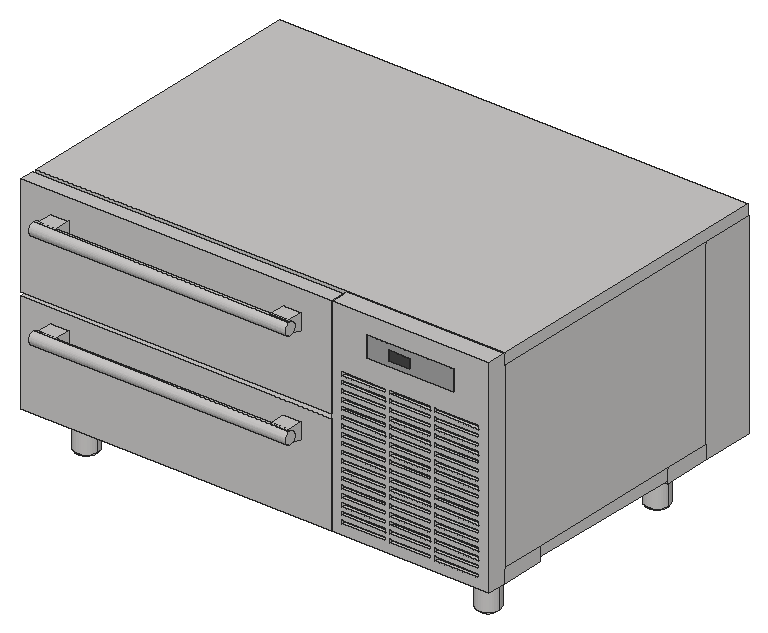
Revit family "QF_ELECTROLUXPROFESSIONAL_729631_E9BAPL00MP", category Attrezzature speciali, Revit 2021
Family settings
  Quota connettore circolare = Usa diametro
  Tipo di parte = Normale
  Basato su piano di lavoro = No
  Sempre verticale = Sì
  Taglio con vuoti quando caricato = No
  Condiviso = No
  Punto di calcolo locali = No
Parameters (values of type "Standard")
  Weight = 118.00 kg
  Watts = 550 W
  Volts = 220 V
  URL Manufacturer = "https://www.electroluxprofessional.com/"
  URL = "https://www.electroluxprofessional.com/"
  Steam Supply Size = 0 mm
  Steam Supply Minimum Pressure = 0.0 Pa
  Steam Supply Maximum Pressure = 0.0 Pa
  Steam Consumption per Hour = 0
  Refrigeration Suction Line Size = 0.0 mm
  Refrigeration Liquid Line Size = 0.0 mm
  Refrigerant Compressor Remote = yes
  Prospetto di default = 0.0 mm
  Produttore = "Electrolux Professional"
  Phase = 1
  Modello = "E9BAPL00MP"
  Length Actual = 1198.0 mm  # constant formula
  Item Number = "729631"
  Hot Water Size = 0 mm
  Height Actual = 627.0 mm  # constant formula
  HP = "0.7 HP"
  Gas Size = 0 mm
  Gas KW = 0
  Gas Input Pressure = 0 W
  Direct Waste Size = 0 mm
  Descrizione = "REF-FREEZER BASE 1200MM 2 DRAWERS - 900 LINE - R290"
  Depth Actual = 902.0 mm  # constant formula
  Cycle = 50 Hz
  Condensate Return Size = 0 mm
  Compressed Air Volume = 0.0 L/s
  Compressed Air Size = 0 mm
  Compressed Air Pressure = 0.0 Pa
  Cold Water Size = 0 mm
  Accessory = yes
Reference planes
  plane 1: z = 0
  plane 2 "Center (Left/Right)": x = -444
  plane 3 "Center (Front/Back)": y = 47.5
  plane 4 "BACK": y = 462
  plane 5 "FEET": z = 100
  plane 6 "TOP": z = 627
  plane 7 "EI_back": y = 352
  plane 8 "EI_left": x = -110
  plane 9 "Front": y = -367
  plane 10 "DOOR": y = -317
  plane 11 "Left": x = -1043
  plane 12 "BorderRight": x = 155
  plane 13: y = -275
  plane 14: y = 265
  plane 15: x = -948
  plane 16: x = -153
  plane 17: x = 79.5
  plane 18: y = -440
  plane 19: z = 135
Forms (mm)
  Extrusion 1, solid, material "QF_Finishes_Stainless Steel"
    sketch origin (-1022.223, -1524, 100) x (-1, 0, 0) y (0, -1, 0)
      loop
        circle (-912.223, -1876) r 5
    from 0 to -20
  Extrusion 2, solid, material "QF_Finishes_Stainless Steel"
    sketch origin (-1022.223, -1524, 100) x (-1, 0, 0) y (0, -1, 0)
      loop
        line (20.777, -1986) -> (20.777, -1207) -> (-1177.223, -1207) -> (-1177.223, -1986) -> (20.777, -1986)
    from 500 to 527
  Extrusion 3, solid, material "QF_Finishes_Stainless Steel"
    sketch origin (-444, 0, 0) x (0, 1, 0) y (0, 0, 1)
      loop
        line (462, 100) -> (462, 600) -> (327, 600) -> (327, 100) -> (462, 100)
    from 599 to -599
  Extrusion 4, solid, material "QF_Finishes_Stainless Steel"
    sketch origin (-444, 0, 0) x (0, 1, 0) y (0, 0, 1)
      loop
        line (327, 135) -> (327, 600) -> (-317, 600) -> (-317, 135) -> (327, 135)
    from 599 to -599
  Extrusion 5, solid, material "QF_Finishes_Stainless Steel"
    sketch origin (-444, 0, 0) x (0, 1, 0) y (0, 0, 1)
      loop
        line (327, 135) -> (204, 135) -> (204, 100) -> (327, 100) -> (327, 135)
      loop
        line (-204, 135) -> (-317, 135) -> (-317, 100) -> (-204, 100) -> (-204, 135)
    from -599 to 599
  Extrusion 6, solid, material "QF_Finishes_Stainless Steel"
    sketch origin (-444, 0, 0) x (0, 1, 0) y (0, 0, 1)
      loop
        line (204, 135) -> (-204, 135) -> (-204, 109.998) -> (204, 104.998) -> (204, 135)
    from -599 to 599
Lines and regions (mm)
  symbolic lines, style "SpecialityEquipmentHiddenLines"
    curve 1: line (-1043, 462, 100) -> (155, 462, 100)
    curve 2: line (155, -317, 100) -> (-1043, -317, 100)
    curve 3: line (-1043, -367, 100) -> (155, -367, 100)
    curve 4: line (-242, -367, 100) -> (-242, -317, 100)
    curve 5: line (-1043, 462, 100) -> (-1043, -367, 100)
    curve 6: line (155, 462, 100) -> (155, -367, 100)
Dimensions and locks
  plane 5 "FEET" to level = 100.0 mm
  locked: plane 10 "DOOR" to plane 9 "Front" at 50
  plane 11 "Left" to plane 8 "EI_left" = 933.0 mm
  plane 6 "TOP" to plane 1 = 627.0 mm
  plane 4 "BACK" to plane 9 "Front" = 829.0 mm  (x2)
  equal spacing: plane 4 "BACK", plane 3 "Center (Front/Back)", plane 9 "Front"
  plane 4 "BACK" to plane 7 "EI_back" = 110.0 mm
  plane 4 "BACK" to plane 14 = 197.0 mm
  plane 14 to plane 13 = 540.0 mm
  plane 13 to plane 9 "Front" = 92.0 mm
  plane 15 to plane 11 "Left" = 95.0 mm
  plane 12 "BorderRight" to plane 17 = 75.5 mm
  locked: plane 12 "BorderRight" to plane 11 "Left" at 1198
  plane 4 "BACK" to plane 18 = 902.0 mm
  equal spacing: plane 12 "BorderRight", plane 2 "Center (Left/Right)", plane 11 "Left"
  aligned and locked: level to plane 1
  aligned and locked: plane 14 to nested 2
  aligned and locked: plane 14 to nested 3
  aligned and locked: plane 13 to nested 5
  aligned and locked: plane 13 to nested 6
  aligned and locked: plane 15 to nested 5
  aligned and locked: plane 15 to nested 2
  aligned and locked: plane 17 to nested 6
  aligned and locked: plane 17 to nested 3
  aligned and locked: plane 12 "BorderRight" to Extrusion 4
  aligned and locked: plane 12 "BorderRight" to Extrusion 3
  aligned and locked: plane 12 "BorderRight" to Extrusion 6
  aligned and locked: plane 12 "BorderRight" to Extrusion 5
  aligned and locked: plane 12 "BorderRight" to nested 4
  aligned and locked: Extrusion 4 to plane 11 "Left"
  aligned and locked: Extrusion 3 to plane 11 "Left"
  aligned and locked: Extrusion 5 to plane 11 "Left"
  aligned and locked: Extrusion 6 to plane 11 "Left"
  aligned and locked: Extrusion 4 to plane 10 "DOOR"
Automatic sketch dimensions
  Extrusion 1 sketch curve to plane 7 "EI_back" = 0.0 mm
  Extrusion 1 sketch curve to plane 8 "EI_left" = 0.0 mm
  Extrusion 2 sketch curve to plane 4 "BACK" = 0.0 mm
  Extrusion 2 sketch curve to plane 12 "BorderRight" = 0.0 mm
  Extrusion 2 sketch curve to plane 10 "DOOR" = 0.0 mm
  Extrusion 2 sketch curve to plane 11 "Left" = 0.0 mm
  Extrusion 3 sketch curve to plane 5 "FEET" = 0.0 mm
  Extrusion 3 sketch curve to plane 4 "BACK" = 0.0 mm
  Extrusion 3 sketch curve to plane 7 "EI_back" = 25.0 mm
  Extrusion 3 sketch curve to plane 6 "TOP" = 27.0 mm
  plane 5 "FEET" to Extrusion 4 sketch curve = 35.0 mm
  Extrusion 4 sketch curve to plane 4 "BACK" = 135.0 mm
  Extrusion 4 sketch curve to plane 7 "EI_back" = 669.0 mm
  Extrusion 4 sketch curve to plane 6 "TOP" = 27.0 mm
  Extrusion 5 sketch curve to plane 10 "DOOR" = 0.0 mm
  Extrusion 5 sketch curve to plane 19 = 0.0 mm  (x2)
  Extrusion 5 sketch curve to plane 5 "FEET" = 0.0 mm  (x2)
  Extrusion 5 sketch curve to plane 13 = 71.0 mm
  plane 14 to Extrusion 5 sketch curve = 61.0 mm
  Extrusion 5 sketch curve to plane 7 "EI_back" = 25.0 mm
  plane 5 "FEET" to Extrusion 6 sketch curve = 4.998 mm
  Extrusion 6 sketch curve to plane 19 = 0.0 mm
  Extrusion 6 sketch curve to plane 13 = 71.0 mm
  plane 5 "FEET" to Extrusion 6 sketch curve = 9.998 mm
  plane 14 to Extrusion 6 sketch curve = 61.0 mm
  curve 1 to plane 4 "BACK" = 0.0 mm
  curve 2 to plane 10 "DOOR" = 0.0 mm
  curve 3 to plane 9 "Front" = 0.0 mm
  curve 3 to plane 12 "BorderRight" = 0.0 mm
  curve 5 to plane 11 "Left" = 0.0 mm
  curve 4 to plane 16 = 89.0 mm
  radius of Extrusion 1 sketch curve = 5.0 mm
Nested families
  nested 1: "Refrigerator" at (170.5, -340.5, 0), type "Refrigerator"
  nested 2: "HORIZREF_FEET100" at (-948, 265, 0), type "HORIZREF_FEET100"
  nested 3: "HORIZREF_FEET100" at (79.5, 265, 0), type "HORIZREF_FEET100"
  nested 4: "HORIZREF_UNIT3" at (-4.08, -317, 567) x (1, 0, 0) z (0, -1, 0), type "HORIZREF_UNIT3"
    with Show Logo yes
  nested 5: "HORIZREF_FEET100" at (-948, -275, 0), type "HORIZREF_FEET100"
  nested 6: "HORIZREF_FEET100" at (79.5, -275, 0), type "HORIZREF_FEET100"
  nested 7: "HORIZREF_HALF_796" at (-718, -317, 363.5) x (1, 0, 0) z (0, -1, 0), type "HORIZREF_HALF_796"
    with Show Clearance yes
Connectors
  electrical at (-110, 352, 80), driven by "Volts"
    settings: on Extrusion 1, index 1, voltage 220 V, apparent load 0 VA, apparent load phase1 0 VA, apparent load phase2 0 VA, apparent load phase3 0 VA, power factor 1, load classification "Other", number of poles 1, system type 31, power factor state 1, is connector primary yes, connector utility no, sub classification motor no, connector description "Electrical Connection"
Definition of nested family "HORIZREF_FEET100"
  Parameters
    Default Elevation = 0.0 mm
    FEET = 100.0 mm
  Reference planes
    plane 1 "Center (Front/Back)": y = 0
    plane 2: z = 0
    plane 3 "Center (Left/Right)": x = 0
    plane 4: z = 100
  Forms (mm)
    Revolve 1, solid
      sketch origin (255.05, 0, 608.09) x (0, 0, 1) y (-1, 0, 0)
        loop
          line (-608.09, 255.05) -> (-608.09, 230.05) -> (-603.09, 230.05) -> (-603.09, 226.05) -> (-508.09, 226.05) -> (-508.09, 255.05) -> (-608.09, 255.05)
        axis (-608.09, 255.05) -> (-508.09, 255.05)
      angle from 0 to 360
  Dimensions and locks
    "FEET": plane 4 to plane 2
    aligned and locked: level to plane 2
    aligned and locked: plane 4 to Revolve 1 sketch curve
    aligned and locked: Revolve 1 sketch curve to level
    aligned and locked: plane 3 "Center (Left/Right)" to Revolve 1 sketch curve
  Automatic sketch dimensions
    Revolve 1 sketch curve to plane 3 "Center (Left/Right)" = 0.0 mm
    Revolve 1 sketch curve to Revolve 1 sketch curve = 25.0 mm
    Revolve 1 sketch curve to Revolve 1 sketch curve = 29.0 mm
    plane 4 to Revolve 1 sketch curve = 50.0 mm
    Revolve 1 sketch curve to Revolve 1 sketch curve = 20.0 mm
    level to Revolve 1 sketch curve = 5.0 mm
Definition of nested family "HORIZREF_UNIT3"
  Parameters
    Show Logo [instance] = yes
    Default Elevation = 1219.2 mm
  Reference planes
    plane 1 "Center (Front/Back)": y = -203.5
    plane 2: z = 0
    plane 3 "Center (Left/Right)": x = -41.92
    plane 4: x = -242.92
    plane 5: x = 159.08
    plane 6: y = 60
    plane 7: y = -467
  Forms (mm)
    Extrusion 1, solid
      sketch origin (0, 0, 0) x (1, 0, 0) y (0, 1, 0)
        loop
          line (-1219.2, 1219.2) -> (-1219.2, -1219.2) -> (1219.2, -1219.2) -> (1219.2, 1219.2) -> (-1219.2, 1219.2)
      from 0 to -304.8
    Extrusion 2, void
      sketch origin (0, 0, 0) x (1, 0, 0) y (0, 1, 0)
        loop
          line (-94.67, -431.176) -> (-94.67, -441.176) -> (10.83, -441.176) -> (10.83, -431.176) -> (-94.67, -431.176)
        loop
          line (-94.67, -411.176) -> (-94.67, -421.176) -> (10.83, -421.176) -> (10.83, -411.176) -> (-94.67, -411.176)
        loop
          line (-94.67, -391.176) -> (-94.67, -401.176) -> (10.83, -401.176) -> (10.83, -391.176) -> (-94.67, -391.176)
        loop
          line (-94.67, -371.176) -> (-94.67, -381.176) -> (10.83, -381.176) -> (10.83, -371.176) -> (-94.67, -371.176)
        loop
          line (-94.67, -351.176) -> (-94.67, -361.176) -> (10.83, -361.176) -> (10.83, -351.176) -> (-94.67, -351.176)
        loop
          line (-94.67, -331.176) -> (-94.67, -341.176) -> (10.83, -341.176) -> (10.83, -331.176) -> (-94.67, -331.176)
        loop
          line (-94.67, -311.176) -> (-94.67, -321.176) -> (10.83, -321.176) -> (10.83, -311.176) -> (-94.67, -311.176)
        loop
          line (-94.67, -291.176) -> (-94.67, -301.176) -> (10.83, -301.176) -> (10.83, -291.176) -> (-94.67, -291.176)
        loop
          line (-94.67, -271.176) -> (-94.67, -281.176) -> (10.83, -281.176) -> (10.83, -271.176) -> (-94.67, -271.176)
        loop
          line (-94.67, -251.176) -> (-94.67, -261.176) -> (10.83, -261.176) -> (10.83, -251.176) -> (-94.67, -251.176)
        loop
          line (-94.67, -231.176) -> (-94.67, -241.176) -> (10.83, -241.176) -> (10.83, -231.176) -> (-94.67, -231.176)
        loop
          line (-94.67, -211.176) -> (-94.67, -221.176) -> (10.83, -221.176) -> (10.83, -211.176) -> (-94.67, -211.176)
        loop
          line (-94.67, -191.176) -> (-94.67, -201.176) -> (10.83, -201.176) -> (10.83, -191.176) -> (-94.67, -191.176)
        loop
          line (-94.67, -171.176) -> (-94.67, -181.176) -> (10.83, -181.176) -> (10.83, -171.176) -> (-94.67, -171.176)
        loop
          line (-94.67, -151.176) -> (-94.67, -161.176) -> (10.83, -161.176) -> (10.83, -151.176) -> (-94.67, -151.176)
        loop
          line (-94.67, -131.176) -> (-94.67, -141.176) -> (10.83, -141.176) -> (10.83, -131.176) -> (-94.67, -131.176)
        loop
          line (-94.67, -111.176) -> (-94.67, -121.176) -> (10.83, -121.176) -> (10.83, -111.176) -> (-94.67, -111.176)
        loop
          line (-94.67, -91.176) -> (-94.67, -101.176) -> (10.83, -101.176) -> (10.83, -91.176) -> (-94.67, -91.176)
        loop
          line (134.08, -431.176) -> (20.83, -431.176) -> (20.83, -441.176) -> (134.08, -441.176) -> (134.08, -431.176)
        loop
          line (134.08, -411.176) -> (20.83, -411.176) -> (20.83, -421.176) -> (134.08, -421.176) -> (134.08, -411.176)
        loop
          line (134.08, -391.176) -> (20.83, -391.176) -> (20.83, -401.176) -> (134.08, -401.176) -> (134.08, -391.176)
        loop
          line (134.08, -371.176) -> (20.83, -371.176) -> (20.83, -381.176) -> (134.08, -381.176) -> (134.08, -371.176)
        loop
          line (134.08, -351.176) -> (20.83, -351.176) -> (20.83, -361.176) -> (134.08, -361.176) -> (134.08, -351.176)
        loop
          line (134.08, -331.176) -> (20.83, -331.176) -> (20.83, -341.176) -> (134.08, -341.176) -> (134.08, -331.176)
        loop
          line (134.08, -311.176) -> (20.83, -311.176) -> (20.83, -321.176) -> (134.08, -321.176) -> (134.08, -311.176)
        loop
          line (134.08, -291.176) -> (20.83, -291.176) -> (20.83, -301.176) -> (134.08, -301.176) -> (134.08, -291.176)
        loop
          line (134.08, -271.176) -> (20.83, -271.176) -> (20.83, -281.176) -> (134.08, -281.176) -> (134.08, -271.176)
        loop
          line (134.08, -251.176) -> (20.83, -251.176) -> (20.83, -261.176) -> (134.08, -261.176) -> (134.08, -251.176)
        loop
          line (134.08, -231.176) -> (20.83, -231.176) -> (20.83, -241.176) -> (134.08, -241.176) -> (134.08, -231.176)
        loop
          line (134.08, -211.176) -> (20.83, -211.176) -> (20.83, -221.176) -> (134.08, -221.176) -> (134.08, -211.176)
        loop
          line (134.08, -191.176) -> (20.83, -191.176) -> (20.83, -201.176) -> (134.08, -201.176) -> (134.08, -191.176)
        loop
          line (134.08, -171.176) -> (20.83, -171.176) -> (20.83, -181.176) -> (134.08, -181.176) -> (134.08, -171.176)
        loop
          line (134.08, -151.176) -> (20.83, -151.176) -> (20.83, -161.176) -> (134.08, -161.176) -> (134.08, -151.176)
        loop
          line (134.08, -131.176) -> (20.83, -131.176) -> (20.83, -141.176) -> (134.08, -141.176) -> (134.08, -131.176)
        loop
          line (134.08, -111.176) -> (20.83, -111.176) -> (20.83, -121.176) -> (134.08, -121.176) -> (134.08, -111.176)
        loop
          line (134.08, -91.176) -> (20.83, -91.176) -> (20.83, -101.176) -> (134.08, -101.176) -> (134.08, -91.176)
        loop
          line (-217.92, -431.176) -> (-217.92, -441.176) -> (-104.67, -441.176) -> (-104.67, -431.176) -> (-217.92, -431.176)
        loop
          line (-217.92, -411.176) -> (-217.92, -421.176) -> (-104.67, -421.176) -> (-104.67, -411.176) -> (-217.92, -411.176)
        loop
          line (-217.92, -391.176) -> (-217.92, -401.176) -> (-104.67, -401.176) -> (-104.67, -391.176) -> (-217.92, -391.176)
        loop
          line (-217.92, -371.176) -> (-217.92, -381.176) -> (-104.67, -381.176) -> (-104.67, -371.176) -> (-217.92, -371.176)
        loop
          line (-217.92, -351.176) -> (-217.92, -361.176) -> (-104.67, -361.176) -> (-104.67, -351.176) -> (-217.92, -351.176)
        loop
          line (-217.92, -331.176) -> (-217.92, -341.176) -> (-104.67, -341.176) -> (-104.67, -331.176) -> (-217.92, -331.176)
        loop
          line (-217.92, -311.176) -> (-217.92, -321.176) -> (-104.67, -321.176) -> (-104.67, -311.176) -> (-217.92, -311.176)
        loop
          line (-217.92, -291.176) -> (-217.92, -301.176) -> (-104.67, -301.176) -> (-104.67, -291.176) -> (-217.92, -291.176)
        loop
          line (-217.92, -271.176) -> (-217.92, -281.176) -> (-104.67, -281.176) -> (-104.67, -271.176) -> (-217.92, -271.176)
        loop
          line (-217.92, -251.176) -> (-217.92, -261.176) -> (-104.67, -261.176) -> (-104.67, -251.176) -> (-217.92, -251.176)
        loop
          line (-217.92, -231.176) -> (-217.92, -241.176) -> (-104.67, -241.176) -> (-104.67, -231.176) -> (-217.92, -231.176)
        loop
          line (-217.92, -211.176) -> (-217.92, -221.176) -> (-104.67, -221.176) -> (-104.67, -211.176) -> (-217.92, -211.176)
        loop
          line (-217.92, -191.176) -> (-217.92, -201.176) -> (-104.67, -201.176) -> (-104.67, -191.176) -> (-217.92, -191.176)
        loop
          line (-217.92, -171.176) -> (-217.92, -181.176) -> (-104.67, -181.176) -> (-104.67, -171.176) -> (-217.92, -171.176)
        loop
          line (-217.92, -151.176) -> (-217.92, -161.176) -> (-104.67, -161.176) -> (-104.67, -151.176) -> (-217.92, -151.176)
        loop
          line (-217.92, -131.176) -> (-217.92, -141.176) -> (-104.67, -141.176) -> (-104.67, -131.176) -> (-217.92, -131.176)
        loop
          line (-217.92, -111.176) -> (-217.92, -121.176) -> (-104.67, -121.176) -> (-104.67, -111.176) -> (-217.92, -111.176)
        loop
          line (-217.92, -91.176) -> (-217.92, -101.176) -> (-104.67, -101.176) -> (-104.67, -91.176) -> (-217.92, -91.176)
      from 50 to 40
    Extrusion 3, solid
      sketch origin (-3.25, 0, 0) x (1, 0, 0) y (0, 1, 0)
        loop
          line (-94.665, -0.461) -> (-94.665, -25) -> (-38.67, -25) -> (-38.67, -0.461) -> (-94.665, -0.461)
      from 50 to 45
    Extrusion 4, solid
      sketch origin (0, 0, 0) x (1, 0, 0) y (0, 1, 0)
        loop
          line (-242.92, 60) -> (-242.92, -467) -> (159.08, -467) -> (159.08, 60) -> (-242.92, 60)
      from 0 to 50
    Extrusion 5, void
      sketch origin (0, 0, 0) x (1, 0, 0) y (0, 1, 0)
        loop
          line (-151.92, 15) -> (-151.92, -38) -> (68.653, -38) -> (68.653, 15) -> (-151.92, 15)
      from 45 to 50
    Extrusion 6, solid
      sketch origin (0, 0, 0) x (1, 0, 0) y (0, 1, 0)
        loop
          line (-151.92, 15) -> (-151.92, -38) -> (68.653, -38) -> (68.653, 15) -> (-151.92, 15)
        loop
          line (-97.915, -0.461) -> (-97.915, -25) -> (-41.92, -25) -> (-41.92, -0.461) -> (-97.915, -0.461)
      from 45 to 50
  Cuts and joins
    Extrusion 2, Extrusion 5 cuts Extrusion 4
  Lines and regions (mm)
    symbolic lines
      curve 1: line (159.08, -203.5, 50) -> (159.08, -203.5, 0)
      curve 2: line (-242.92, -203.5, 50) -> (-242.92, -203.5, 0)
  Dimensions and locks
    locked: plane 6 to plane 7 at 527
    equal spacing: plane 6, plane 1 "Center (Front/Back)", plane 7
    locked: plane 4 to plane 5 at 402
    equal spacing: plane 4, plane 3 "Center (Left/Right)", plane 5
    aligned and locked: plane 2 to Extrusion 1
    aligned and locked: level to Extrusion 1
  Automatic sketch dimensions
    Extrusion 1 sketch curve to Extrusion 1 sketch curve = 2438.4 mm  (x2)
    plane 4 to Extrusion 3 sketch curve = 145.005 mm
    Extrusion 3 sketch curve to Extrusion 3 sketch curve = 55.995 mm
    Extrusion 3 sketch curve to plane 6 = 85.0 mm
    Extrusion 3 sketch curve to Extrusion 3 sketch curve = 24.539 mm
    Extrusion 4 sketch curve to plane 4 = 0.0 mm
    Extrusion 4 sketch curve to plane 5 = 0.0 mm
    Extrusion 4 sketch curve to plane 7 = 0.0 mm
    Extrusion 4 sketch curve to plane 6 = 0.0 mm
    plane 4 to Extrusion 5 sketch curve = 91.0 mm
    plane 3 "Center (Left/Right)" to Extrusion 5 sketch curve = 110.573 mm
    Extrusion 5 sketch curve to plane 6 = 98.0 mm
    curve 2 to level = 0.0 mm
    curve 1 to level = 0.0 mm
    level to curve 2 = 50.0 mm
    curve 2 to plane 4 = 0.0 mm
    curve 1 to plane 5 = 0.0 mm
    level to curve 1 = 50.0 mm
    plane 4 to Extrusion 2 sketch curve = 25.0 mm  (x18)
    Extrusion 2 sketch curve to plane 3 "Center (Left/Right)" = 62.75 mm  (x2)
    Extrusion 2 sketch curve to plane 1 "Center (Front/Back)" = 32.324 mm
    Extrusion 2 sketch curve to plane 1 "Center (Front/Back)" = 2.324 mm  (x3)
    Extrusion 2 sketch curve to Extrusion 2 sketch curve = 0.0 mm  (x33)
    Extrusion 2 sketch curve to Extrusion 2 sketch curve = 10.0 mm  (x136)
    plane 3 "Center (Left/Right)" to Extrusion 2 sketch curve = 52.75 mm  (x2)
    Extrusion 2 sketch curve to plane 5 = 25.0 mm  (x18)
    plane 1 "Center (Front/Back)" to Extrusion 2 sketch curve = 7.676 mm  (x3)
    Extrusion 5 sketch curve to plane 6 = 45.0 mm
    Extrusion 6 sketch curve to plane 3 "Center (Left/Right)" = 110.0 mm
    Extrusion 6 sketch curve to Extrusion 6 sketch curve = 54.005 mm
    plane 3 "Center (Left/Right)" to Extrusion 6 sketch curve = 0.0 mm
    Extrusion 6 sketch curve to Extrusion 6 sketch curve = 110.573 mm
    Extrusion 6 sketch curve to plane 6 = 98.0 mm
    Extrusion 6 sketch curve to Extrusion 6 sketch curve = 13.0 mm
    Extrusion 6 sketch curve to Extrusion 6 sketch curve = 24.539 mm
    Extrusion 6 sketch curve to Extrusion 6 sketch curve = 15.461 mm
Definition of nested family "HORIZREF_HALF_796"
  Parameters
    Show Clearance [instance] = yes
    Default Elevation = 1219.2 mm
  Reference planes
    plane 1 "Center (Front/Back)": y = 0
    plane 2: z = 0
    plane 3 "Center (Left/Right)": x = 73
    plane 4: x = -325
    plane 5: x = 471
    plane 6: z = 707
    plane 7: x = -255
    plane 8: x = 401
    plane 9: y = 263.5
    plane 10: y = -263.5
    plane 11: z = -689
  Forms (mm)
    Extrusion 1, solid
      sketch origin (0, 0, 0) x (1, 0, 0) y (0, 1, 0)
        loop
          line (-1219.2, 1219.2) -> (-1219.2, -1219.2) -> (1219.2, -1219.2) -> (1219.2, 1219.2) -> (-1219.2, 1219.2)
      from 0 to -304.8
    Extrusion 2, solid
      sketch origin (73, 0, 0) x (0, 1, 0) y (0, 0, 1)
        loop
          line (-263.5, 50) -> (-263.5, 10) -> (-5, 10) -> (-5, 50) -> (-263.5, 50)
        loop
          line (263.5, 50) -> (5, 50) -> (5, 10) -> (263.5, 10) -> (263.5, 50)
      from -398 to 398
    Extrusion 3, solid, visible <- "Show Clearance", detail levels coarse
      sketch origin (73, 0, 512) x (0, 1, 0) y (0, 0, 1)
        loop
          line (-263.5, -462) -> (-5, -462) -> (-5, 155) -> (-263.5, 155) -> (-263.5, -462)
        loop
          line (263.5, -462) -> (263.5, 155) -> (5, 155) -> (5, -462) -> (263.5, -462)
      from -398 to 398
    Extrusion 4, solid
      sketch origin (73, 0, 0) x (0, 1, 0) y (0, 0, 1)
        loop
          line (210, 50) -> (210, 95)
          arc (210, 95) -> (195, 80) -> (180, 95) r 15
          line (180, 95) -> (168.78, 50) -> (210, 50)
        loop
          line (-40, 50) -> (-40, 95)
          arc (-40, 95) -> (-55, 80) -> (-70, 95) r 15
          line (-70, 95) -> (-81.22, 50) -> (-40, 50)
      from -320 to -275
    Extrusion 5, solid
      sketch origin (73, 0, 0) x (0, 1, 0) y (0, 0, 1)
        loop
          circle (195, 95) r 15
        loop
          circle (-55, 95) r 15
      from -328 to 328
    Extrusion 6, solid
      sketch origin (73, 0, 0) x (0, 1, 0) y (0, 0, 1)
        loop
          line (210, 50) -> (210, 95)
          arc (210, 95) -> (195, 80) -> (180, 95) r 15
          line (180, 95) -> (168.78, 50) -> (210, 50)
        loop
          line (-40, 50) -> (-40, 95)
          arc (-40, 95) -> (-55, 80) -> (-70, 95) r 15
          line (-70, 95) -> (-81.22, 50) -> (-40, 50)
      from 320 to 275
    Extrusion 7, solid
      sketch origin (73, 0, 0) x (0, 1, 0) y (0, 0, 1)
        loop
          line (233.5, 10) -> (25, 10) -> (25, 0) -> (233.5, 0) -> (233.5, 10)
        loop
          line (-35, 10) -> (-243.5, 10) -> (-243.5, 0) -> (-35, 0) -> (-35, 10)
      from -339 to 339
    Extrusion 8, solid, detail levels coarse
      sketch origin (73, -15, 690) x (0, 1, 0) y (0, 0, 1)
        loop
          line (-248.5, 17) -> (-248.5, -23) -> (10, -23) -> (10, 17) -> (-248.5, 17)
        loop
          line (278.5, 17) -> (20, 17) -> (20, -23) -> (278.5, -23) -> (278.5, 17)
      from -398 to 398
    Extrusion 9, solid, detail levels coarse
      sketch origin (73, 0, 690) x (0, 1, 0) y (0, 0, 1)
        loop
          line (210, 17) -> (210, 62)
          arc (210, 62) -> (195, 47) -> (180, 62) r 15
          line (180, 62) -> (168.78, 17) -> (210, 17)
        loop
          line (-40, 17) -> (-40, 62)
          arc (-40, 62) -> (-55, 47) -> (-70, 62) r 15
          line (-70, 62) -> (-81.22, 17) -> (-40, 17)
      from -320 to -275
    Extrusion 10, solid, detail levels coarse
      sketch origin (73, 0, 690) x (0, 1, 0) y (0, 0, 1)
        loop
          circle (195, 62) r 15
        loop
          circle (-55, 62) r 15
      from -328 to 328
    Extrusion 11, solid, detail levels coarse
      sketch origin (73, 0, 0) x (0, 1, 0) y (0, 0, 1)
        loop
          line (210, 707) -> (210, 752)
          arc (210, 752) -> (195, 737) -> (180, 752) r 15
          line (180, 752) -> (168.78, 707) -> (210, 707)
        loop
          line (-40, 707) -> (-40, 752)
          arc (-40, 752) -> (-55, 737) -> (-70, 752) r 15
          line (-70, 752) -> (-81.22, 707) -> (-40, 707)
      from 320 to 275
  Lines and regions (mm)
    symbolic lines
      curve 1: line (471, 0, 139.793) -> (-325, 0, 139.793)
      curve 2: line (471, 0, 174.793) -> (-325, 0, 174.793)
      curve 3: line (471, 0, 259.793) -> (-325, 0, 259.793)
      curve 4: line (471, 0, 294.793) -> (-325, 0, 294.793)
      curve 5: line (-255, 0, 139.793) -> (-255, 0, 80)
      curve 6: line (-255, 0, 259.793) -> (-255, 0, 174.793)
      curve 7: line (471, 0, 259.793) -> (471, 0, 294.793)
      curve 8: line (-325, 0, 259.793) -> (-325, 0, 294.793)
      curve 9: line (471, 0, 139.793) -> (471, 0, 174.793)
      curve 10: line (-325, 0, 139.793) -> (-325, 0, 174.793)
      curve 11: line (401, 0, 139.793) -> (401, 0, 80)
      curve 12: line (401, 0, 259.793) -> (401, 0, 174.793)
      curve 13: line (386, 0, 80) -> (386, 0, 110)
      curve 14: line (386, 0, 110) -> (-240, 0, 110)
      curve 15: line (-240, 0, 110) -> (-240, 0, 80)
      curve 16: line (-240, 0, 95) -> (-230, 0, 95)
      curve 17: line (-230, 0, 95) -> (-230, 0, 80)
      curve 18: line (386, 0, 95) -> (376, 0, 95)
      curve 19: line (376, 0, 95) -> (376, 0, 80)
  Dimensions and locks
    plane 4 to plane 3 "Center (Left/Right)" to plane 5 = 398.0 mm, 398.0 mm
    plane 6 to level = 707.0 mm  (x2)
    plane 1 "Center (Front/Back)" to Extrusion 3 = 263.5 mm
    plane 4 to plane 7 = 70.0 mm
    plane 8 to plane 5 = 70.0 mm
    equal spacing: plane 9, plane 1 "Center (Front/Back)", plane 10
    plane 9 to plane 10 = 527.0 mm
    aligned and locked: plane 2 to Extrusion 1
    aligned and locked: level to Extrusion 1
  Automatic sketch dimensions
    Extrusion 1 sketch curve to Extrusion 1 sketch curve = 2438.4 mm  (x2)
    Extrusion 2 sketch curve to plane 10 = 0.0 mm
    plane 1 "Center (Front/Back)" to Extrusion 2 sketch curve = 5.0 mm
    Extrusion 2 sketch curve to plane 1 "Center (Front/Back)" = 5.0 mm
    plane 9 to Extrusion 2 sketch curve = 0.0 mm
    level to Extrusion 2 sketch curve = 10.0 mm  (x2)
    Extrusion 2 sketch curve to Extrusion 2 sketch curve = 40.0 mm  (x2)
    Extrusion 3 sketch curve to plane 10 = 0.0 mm
    plane 1 "Center (Front/Back)" to Extrusion 3 sketch curve = 5.0 mm
    Extrusion 3 sketch curve to plane 1 "Center (Front/Back)" = 5.0 mm
    plane 9 to Extrusion 3 sketch curve = 0.0 mm
    level to Extrusion 3 sketch curve = 50.0 mm  (x2)
    Extrusion 3 sketch curve to plane 6 = 40.0 mm  (x2)
    level to Extrusion 4 sketch curve = 50.0 mm  (x2)
    plane 1 "Center (Front/Back)" to Extrusion 4 sketch curve = 81.22 mm
    Extrusion 4 sketch curve to Extrusion 4 sketch curve = 11.22 mm  (x2)
    Extrusion 4 sketch curve to Extrusion 4 sketch curve = 15.0 mm  (x2)
    Extrusion 4 sketch curve to plane 1 "Center (Front/Back)" = 168.78 mm
    Extrusion 4 sketch curve to Extrusion 4 sketch curve = 45.0 mm  (x2)
    plane 1 "Center (Front/Back)" to Extrusion 5 sketch curve = 55.0 mm
    Extrusion 5 sketch curve to plane 1 "Center (Front/Back)" = 195.0 mm
    level to Extrusion 5 sketch curve = 95.0 mm  (x2)
    Extrusion 8 sketch curve to plane 6 = 0.0 mm  (x2)
    plane 10 to Extrusion 8 sketch curve = 0.0 mm
    plane 1 "Center (Front/Back)" to Extrusion 8 sketch curve = 5.0 mm
    Extrusion 8 sketch curve to plane 1 "Center (Front/Back)" = 5.0 mm
    plane 9 to Extrusion 8 sketch curve = 0.0 mm
    Extrusion 8 sketch curve to Extrusion 8 sketch curve = 40.0 mm
    Extrusion 8 sketch curve to Extrusion 8 sketch curve = 0.0 mm
    plane 1 "Center (Front/Back)" to Extrusion 10 sketch curve = 55.0 mm
    plane 6 to Extrusion 10 sketch curve = 45.0 mm  (x2)
    Extrusion 10 sketch curve to plane 1 "Center (Front/Back)" = 195.0 mm
    Extrusion 9 sketch curve to plane 6 = 0.0 mm  (x2)
    plane 1 "Center (Front/Back)" to Extrusion 9 sketch curve = 81.22 mm
    Extrusion 9 sketch curve to Extrusion 9 sketch curve = 11.22 mm  (x2)
    Extrusion 9 sketch curve to Extrusion 9 sketch curve = 15.0 mm  (x2)
    Extrusion 9 sketch curve to plane 1 "Center (Front/Back)" = 168.78 mm
    plane 6 to Extrusion 9 sketch curve = 45.0 mm  (x2)
    Extrusion 11 sketch curve to plane 6 = 0.0 mm  (x2)
    plane 1 "Center (Front/Back)" to Extrusion 11 sketch curve = 81.22 mm
    Extrusion 11 sketch curve to Extrusion 11 sketch curve = 11.22 mm  (x2)
    Extrusion 11 sketch curve to Extrusion 11 sketch curve = 15.0 mm  (x2)
    plane 9 to Extrusion 11 sketch curve = 94.72 mm
    plane 6 to Extrusion 11 sketch curve = 45.0 mm  (x2)
    plane 1 "Center (Front/Back)" to Extrusion 6 sketch curve = 81.22 mm
    Extrusion 6 sketch curve to Extrusion 6 sketch curve = 11.22 mm  (x2)
    Extrusion 6 sketch curve to Extrusion 6 sketch curve = 15.0 mm  (x2)
    plane 9 to Extrusion 6 sketch curve = 94.72 mm
    level to Extrusion 6 sketch curve = 50.0 mm  (x2)
    Extrusion 6 sketch curve to Extrusion 6 sketch curve = 45.0 mm  (x2)
    curve 1 to plane 4 = 0.0 mm
    curve 3 to plane 4 = 0.0 mm
    curve 6 to plane 7 = 0.0 mm
    curve 5 to plane 7 = 0.0 mm
    curve 12 to plane 8 = 0.0 mm
    curve 11 to plane 8 = 0.0 mm
    curve 3 to plane 5 = 0.0 mm
    curve 1 to plane 5 = 0.0 mm
    plane 7 to curve 15 = 15.0 mm
    curve 16 to curve 17 = 10.0 mm
    curve 19 to plane 8 = 25.0 mm
    curve 13 to plane 8 = 15.0 mm
    level to curve 17 = 95.0 mm
    level to curve 19 = 95.0 mm
    curve 16 to curve 15 = 15.0 mm
    curve 13 to curve 9 = 29.793 mm
    curve 1 to curve 2 = 35.0 mm
    curve 2 to curve 7 = 85.0 mm
    curve 3 to curve 4 = 35.0 mm
    curve 5 to curve 16 = 15.0 mm
    curve 17 to curve 16 = 15.0 mm
    curve 15 to curve 17 = 0.0 mm
    curve 19 to curve 18 = 15.0 mm
    curve 13 to curve 19 = 0.0 mm
    curve 11 to curve 13 = 0.0 mm
    Extrusion 7 sketch curve to level = 0.0 mm  (x2)
    Extrusion 7 sketch curve to plane 10 = 20.0 mm
    level to Extrusion 7 sketch curve = 10.0 mm  (x2)
    plane 1 "Center (Front/Back)" to Extrusion 7 sketch curve = 35.0 mm
    Extrusion 7 sketch curve to plane 1 "Center (Front/Back)" = 25.0 mm
    plane 9 to Extrusion 7 sketch curve = 30.0 mm
    radius of Extrusion 5 sketch curve = 15.0 mm  (x2)
    radius of Extrusion 10 sketch curve = 15.0 mm  (x2)
Definition of nested family "Refrigerator"
  Reference planes
    plane 1 "Center (Front/Back)": y = 0
    plane 2: z = 0
    plane 3 "Center (Left/Right)": x = 0
  Lines and regions (mm)
    detail lines, in view "Ref. Level"
      curve 1: spline (-500, 190, 0) -> (-493.185, 166.706, 0) -> (-473.205, 145, 0) -> (-441.421, 126.36, 0) -> (-400, 112.058, 0) -> (-351.764, 103.067, 0) -> (-300, 100, 0) -> (-248.236, 103.067, 0) -> (-200, 112.058, 0) -> (-158.579, 126.36, 0) -> (-126.795, 145, 0) -> (-106.815, 166.706, 0) -> (-100, 190, 0) -> (-106.815, 213.294, 0) -> (-126.795, 235, 0) -> (-158.579, 253.64, 0) -> (-200, 267.942, 0) -> (-248.236, 276.933, 0) -> (-300, 280, 0) -> (-351.764, 276.933, 0) -> (-400, 267.942, 0) -> (-441.421, 253.64, 0) -> (-473.205, 235, 0) -> (-493.185, 213.294, 0) -> (-500, 190, 0)
      curve 2: line (-300, 130, 0) -> (-300, 250, 0)
      curve 3: line (-351.962, 220, 0) -> (-248.038, 160, 0)
      curve 4: line (-351.962, 160, 0) -> (-248.038, 220, 0)
      curve 5: line (-280.884, 246.873, 0) -> (-300, 225, 0)
      curve 6: line (-300, 225, 0) -> (-319.116, 246.873, 0)
      curve 7: line (-330.311, 207.5, 0) -> (-339.696, 234.992, 0)
      curve 8: line (-358.812, 201.882, 0) -> (-330.311, 207.5, 0)
      curve 9: line (-330.311, 172.5, 0) -> (-358.812, 178.118, 0)
      curve 10: line (-339.696, 145.008, 0) -> (-330.311, 172.5, 0)
      curve 11: line (-300, 155, 0) -> (-319.116, 133.127, 0)
      curve 12: line (-280.884, 133.127, 0) -> (-300, 155, 0)
      curve 13: line (-269.689, 172.5, 0) -> (-260.304, 145.008, 0)
      curve 14: line (-241.188, 178.118, 0) -> (-269.689, 172.5, 0)
      curve 15: line (-269.689, 207.5, 0) -> (-241.188, 201.882, 0)
      curve 16: line (-260.304, 234.992, 0) -> (-269.689, 207.5, 0)
